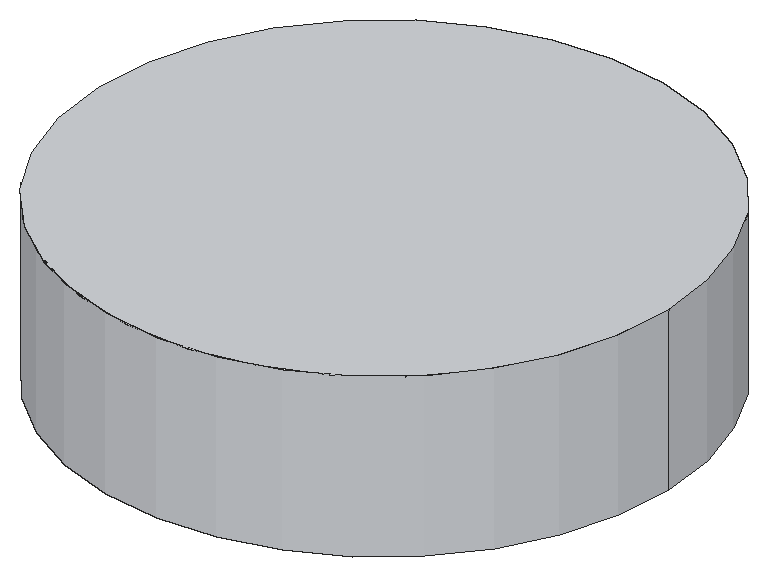
Revit family "1300_ TUPEX ELECTRIC_SPMP", category Lighting Fixtures, host Face, Revit 2016
Family settings
  Host = Face
  Part Type = Normal
  Round Connector Dimension = Use Diameter
  Cut with Voids When Loaded = No
  Light Source = Yes
  Shared = No
  Room Calculation Point = Yes
Parameters
  Wattage = 22 W
  built-in parameter 1150110 = 1 (stored number, unit not read)
  VOLTS = 220 V
  built-in parameter 1114217 = 1 (stored number, unit not read)
  Tilt Angle = 90.00°
  built-in parameter 1150109 = 1 (stored number, unit not read)
  built-in parameter 1150134 = 3
  built-in parameter 1150113 = 1 (stored number, unit not read)
  Photometric Web File = "1300.IES"
  built-in parameter 1150105 = 143.56 (stored number, unit not read)
  Lumens = 1804 lm
  built-in parameter 1150115 = 1 (stored number, unit not read)
  built-in parameter 1150137 = (empty or 0)
  built-in parameter 1150139 = (empty or 0)
  built-in parameter 1150112 = 1 (stored number, unit not read)
  built-in parameter 1150114 = 1 (stored number, unit not read)
  built-in parameter 1150132 = (empty or 0)
  built-in parameter 1150102 = (empty or 0)
  built-in parameter 1150107 = 3200 (stored number, unit not read)
  built-in parameter 1150138 = (empty or 0)
  built-in parameter 1150106 = 1.4356 (stored number, unit not read)
  Emit from Circle Diameter = 609.6 mm
  Emit Shape Visible in Rendering = no
  built-in parameter 1150104 = 7.618 (stored number, unit not read)
  Dimming Lamp Color Temperature Shift = (empty or 0)
  Default Elevation = 1219.2 mm
  Color Filter = 16777215
  built-in parameter 1114218 = 1 (stored number, unit not read)
  built-in parameter 1150133 = 10 (stored number, unit not read)
  Apparent Load = 30 VA
Reference planes
  plane 1 "Center (Front/Back)": y = 0
  plane 2: z = 0
  plane 3 "Center (Left/Right)": x = 0
Forms (mm)
  Extrusion 1, solid
    sketch origin (0, 0, 0) x (1, 0, 0) y (0, 1, 0)
      loop
        circle (0, 0) r 190
    from 0 to 108
Lines and regions (mm)
  reference lines
    curve 1: circle (0, 0, 0) r 190 normal (0, 0, 1)
    curve 2: line (-1160.227, 0, 0) -> (1659.773, 0, 0)
    curve 3: line (1659.773, 0, -108) -> (-1534.635, 0, -108)
    curve 4: line (305.365, 0, -108) -> (1125.365, 0, -108)
    curve 5: line (1659.773, 0, -216) -> (-1534.635, 0, -216)
Dimensions and locks
  aligned and locked: plane 2 to host face
  aligned and locked: level to host face
Connectors
  electrical at (0, 0, 108), driven by "VOLTS"
    settings: on Extrusion 1, index 1, voltage 220 V, apparent load 0 VA, apparent load phase1 22 VA, apparent load phase2 0 VA, apparent load phase3 0 VA, power factor 1, load classification "Other", number of poles 1, system type 31, power factor state 1, is connector primary yes, connector utility no, sub classification motor no, connector description ""
